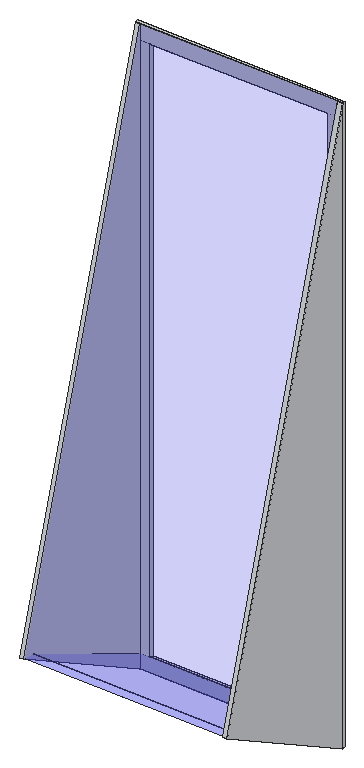
Revit family "prova pannello 2", category Generic Models, Revit 2016
Family settings
  Part Type = Normal
  Can host rebar = No
  Round Connector Dimension = Use Diameter
  Work Plane-Based = No
  Always vertical = Yes
  Cut with Voids When Loaded = No
  Shared = No
  Room Calculation Point = No
Parameters (values of type "Pannello 1G")
  spessore vetro = 3 cm
  spessore pannello = 100 cm
  lunghezza vetro = 350 cm
  larghezza pannello = 143 cm
  larghezza infisso = 10 cm
  largeza vetro [instance] = 4.4721 cm
  altezza pannello = 400 cm
Types (8, lengths in cm): name | lunghezza vetro
  (no name) | 350
  Pannello 1A | 50
  Pannello 1B | 100
  Pannello 1C | 150
  Pannello 1D | 200
  Pannello 1E | 250
  Pannello 1F | 300
  Pannello 1G | 350
Reference planes (cm)
  plane 1 "Center (Front/Back)": y = 0
  plane 2: z = 0
  plane 3 "Center (Left/Right)": x = 0
  plane 4: x = 621.9957
  plane 5: x = 764.9957
  plane 6: z = 216.7349
  plane 7: z = -183.2651
  plane 8: x = 631.9957
  plane 9: x = 754.9957
  plane 10: z = 206.7349
  plane 11: z = -173.2651
  plane 12: x = 624.9957
  plane 13: x = 761.9957
  plane 14: z = -133.2651
  plane 15: y = -102
  plane 16: y = -2
  plane 17: through (0, -2, 216.7349) normal (0, -0.8944, 0.4472)
  plane 18: through (0, -2, -183.2651) normal (0, 0.8944, 0.4472)
  plane 19: through (0, -2, 206.7349) normal (0, -0.8944, 0.4472)
  plane 20: through (0, -2, -173.2651) normal (0, 0.8944, 0.4472)
  plane 21: y = -97
Forms (cm)
  Extrusion 1, solid
    sketch origin (0, 0, 0) x (1, 0, 0) y (0, 0, 1)
      loop
        line (621.9957, 216.7349) -> (621.9957, -183.2651) -> (764.9957, -183.2651) -> (764.9957, 216.7349) -> (621.9957, 216.7349)
      loop
        line (631.9957, 206.7349) -> (631.9957, -173.2651) -> (754.9957, -173.2651) -> (754.9957, 206.7349) -> (631.9957, 206.7349)
    from 0 to 2
  Extrusion 2, solid, material "Glass"
    sketch origin (0, 0, 0) x (0, 1, 0) y (0, 0, 1)
      loop
        line (-2, 216.7349) -> (-102, -133.2651) -> (-94.6692, -133.2651) -> (-2, 206.7349) -> (-2, 216.7349)
    from 624.9957 to 761.9957
  Extrusion 3, solid, material "Glass"
    sketch origin (0, 0, 0) x (0, 1, 0) y (0, 0, 1)
      loop
        line (-2, -173.2651) -> (-94.6692, -133.2651) -> (-102, -133.2651) -> (-2, -183.2651) -> (-2, -173.2651)
    from 624.9957 to 761.9957
  Extrusion 4, solid
    sketch origin (0, 0, 0) x (0, 1, 0) y (0, 0, 1)
      loop
        line (-2, 216.7349) -> (-102, -133.2651) -> (-2, -183.2651) -> (-2, 216.7349)
    from 621.9957 to 624.9957
  Extrusion 5, solid
    sketch origin (0, 0, 0) x (0, 1, 0) y (0, 0, 1)
      loop
        line (-2, 216.7349) -> (-102, -133.2651) -> (-2, -183.2651) -> (-2, 216.7349)
    from 761.9957 to 764.9957
  Extrusion 6, solid
    sketch origin (-140, 0, 0) x (0, 1, 0) y (0, 0, 1)
      loop
        line (-2, 216.7349) -> (-102, -133.2651) -> (-2, -183.2651) -> (-2, 216.7349)
    from 761.9957 to 764.9957
Dimensions and locks (cm)
  "altezza pannello": plane 6 to plane 7
  "larghezza pannello": plane 5 to plane 4
  "larghezza infisso": plane 6 to plane 10
  "larghezza infisso": plane 11 to plane 7
  "larghezza infisso": plane 8 to plane 4
  "larghezza infisso": plane 5 to plane 9
  "spessore vetro": plane 12 to plane 4
  "spessore vetro": plane 5 to plane 13
  "spessore pannello": plane 16 to plane 15
  "lunghezza vetro": plane 6 to plane 14
  aligned and locked: plane 2 to level
  aligned and locked: plane 6 to Extrusion 1
  aligned and locked: Extrusion 1 to plane 7
  aligned and locked: plane 11 to Extrusion 1
  aligned and locked: Extrusion 1 to plane 10
  aligned and locked: plane 5 to Extrusion 1
  aligned and locked: Extrusion 1 to plane 9
  aligned and locked: Extrusion 1 to plane 4
  aligned and locked: plane 8 to Extrusion 1
  aligned and locked: plane 16 to Extrusion 1
  aligned and locked: Extrusion 2 sketch curve to plane 16
  aligned and locked: Extrusion 2 sketch curve to plane 14
  aligned and locked: Extrusion 3 sketch curve to plane 16
  aligned and locked: plane 14 to Extrusion 3 sketch curve
  aligned and locked: plane 13 to Extrusion 2
  aligned and locked: Extrusion 2 to plane 12
  aligned and locked: plane 13 to Extrusion 3
  aligned and locked: Extrusion 5 to Extrusion 1
  aligned and locked: Extrusion 5 to Extrusion 3
  aligned and locked: Extrusion 2 to Extrusion 4
Automatic sketch dimensions
  Extrusion 1 sketch curve to plane 4 = 0 cm
  Extrusion 1 sketch curve to plane 8 = 0 cm
  Extrusion 1 sketch curve to plane 9 = 0 cm
  Extrusion 1 sketch curve to plane 5 = 0 cm
  Extrusion 1 sketch curve to plane 7 = 0 cm
  Extrusion 1 sketch curve to plane 11 = 0 cm
  Extrusion 1 sketch curve to plane 10 = 0 cm
  Extrusion 1 sketch curve to plane 6 = 0 cm
  Extrusion 4 sketch curve to plane 14 = 0 cm
  Extrusion 4 sketch curve to plane 15 = 0 cm
  Extrusion 4 sketch curve to plane 7 = 0 cm
  Extrusion 4 sketch curve to plane 16 = 0 cm
  Extrusion 4 sketch curve to plane 6 = 0 cm
  Extrusion 5 sketch curve to plane 14 = 0 cm
  Extrusion 5 sketch curve to plane 15 = 0 cm
  Extrusion 5 sketch curve to plane 7 = 0 cm
  Extrusion 5 sketch curve to plane 16 = 0 cm
  Extrusion 5 sketch curve to plane 6 = 0 cm
  Extrusion 6 sketch curve to plane 14 = 0 cm
  Extrusion 6 sketch curve to plane 15 = 0 cm
  Extrusion 6 sketch curve to plane 7 = 0 cm
  Extrusion 6 sketch curve to plane 16 = 0 cm
  Extrusion 6 sketch curve to plane 6 = 0 cm
  Extrusion 2 sketch curve to plane 15 = 0 cm
  Extrusion 2 sketch curve to plane 10 = 0 cm
  Extrusion 2 sketch curve to plane 6 = 0 cm
  Extrusion 2 sketch curve to plane 21 = 2.3308 cm
  Extrusion 3 sketch curve to plane 15 = 0 cm
  Extrusion 3 sketch curve to plane 7 = 0 cm
  Extrusion 3 sketch curve to plane 11 = 0 cm
  Extrusion 3 sketch curve to plane 21 = 2.3308 cm
